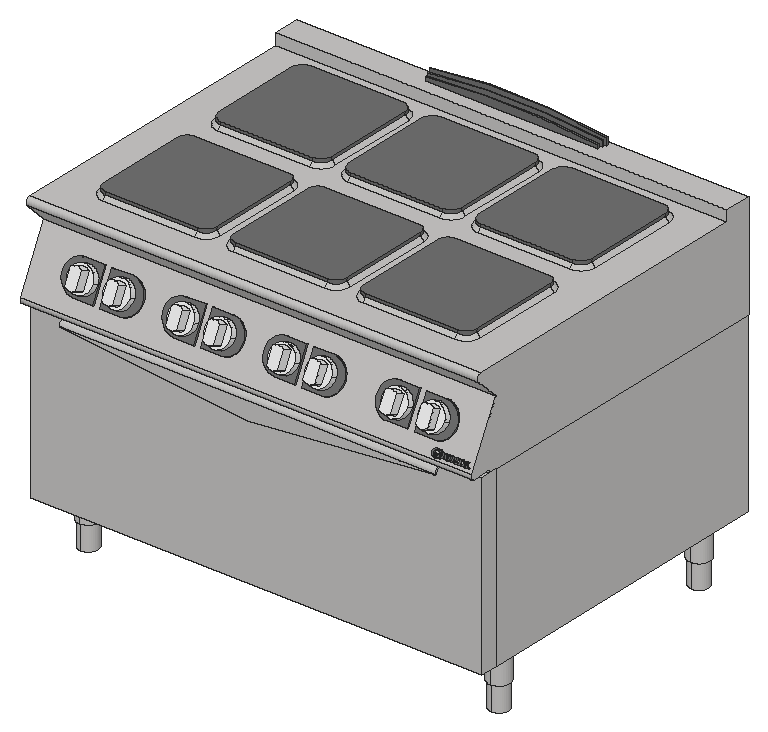
Revit family "QF_GIORIK_CE96QH", category Specialty Equipment, Revit 2014
Parameters (values of type "CE96QH")
  Weight in Pounds = 352.7392
  Watts = 33000 W
  Volts = 400 V
  URL Cutsheet = "www.giorik.com"
  URL = "www.giorik.com"
  Status [instance] = ""
  Specification by User [instance] = ""
  Specification by Manufacturer = ""
  Show Logo [instance] = yes
  Show Clearance [instance] = yes
  Serial Number = ""
  Seismic Rating = ""
  SMACNA No = ""
  Revision Code [instance] = ""
  Phase = 3
  Number of Poles [instance] = 3
  NAFEM Spec ID Number = ""
  Model = "CE96QH"
  Min Ckt Ampacity = 0 A
  Max Overcurrent Protection = 0 A
  Masterspec = ""
  Manufacturer = "GIORIK"
  Item Number [instance] = ""
  Installed By [instance] = ""
  Identify Quantity as Lot [instance] = no
  HP = "44.253660000000"
  Furnished By [instance] = ""
  Foodservice Equipment Identifier [instance] = yes
  FL Amps = 0 A
  Electrical Remarks [instance] = ""
  Electric Connection Type [instance] = ""
  Elec Conn RI Height [instance] = 0 mm
  Elec Conn Connection Height [instance] = 150 mm
  Description = "6 ELECTRIC RANGE WITH SQUARE PLATES WITH ELECTRIC OVEN"
  Cycle = 50 Hz
  Conn Plug = ""
  CSI MasterFormat = ""
  Assembly Code = "E1090320"
  Apparent Power = 33000 VA
Reference planes
  plane 1 "Back": y = 0
  plane 2: z = 0
  plane 3 "Left": x = 0
  plane 4 "Right": x = 1200
  plane 5 "Front": y = -920
  plane 6 "Top": z = 900
Forms (mm)
  Extrusion 1, solid
    sketch origin (-16, 1025.948, 0) x (1, 0, 0) y (0, 1, 0)
      loop
        line (25, -1086.81) -> (25, -1156.81) -> (115, -1156.81) -> (115, -1086.81) -> (25, -1086.81)
    from 148 to 150
  Extrusion 2, solid
    sketch origin (-4, 0.138, 130) x (1, 0, 0) y (0, 1, 0)
      loop
        circle (54, -385) r 12.5
    from 0 to 20
  Extrusion 3, solid
    sketch origin (0, 800.138, -20) x (0, 1, 0) y (0, 0, 1)
      loop
        line (-800.138, 919.988) -> (-870.138, 919.988) -> (-870.138, 889.988) -> (-1688.806, 889.988)
        arc (-1688.806, 889.988) -> (-1699.151, 883.075) -> (-1696.724, 870.873) r 11.197
        line (-1696.724, 870.873) -> (-1640.876, 815.025) -> (-1718.948, 661.258)
        arc (-1718.948, 661.258) -> (-1718.233, 650.105) -> (-1708.118, 645.354) r 10.981
        line (-1708.118, 645.354) -> (-1660, 649.925) -> (-1660, 640) -> (-800.138, 640) -> (-800.138, 919.988)
    from 0 to 1200
  Extrusion 4, solid
    sketch origin (0, -199.862, 599.536) x (1, 0, 0) y (0, 1, 0)
      loop
        line (0, -640) -> (40, -640) -> (40, 159.862) -> (1160, 159.862) -> (1160, -640) -> (1200, -640) -> (1200, 199.862) -> (0, 199.862) -> (0, -640)
    from -449.536 to 20.464
  Extrusion 5, solid
    sketch origin (0, -199.862, 0) x (1, 0, 0) y (0, 1, 0)
      loop
        line (40, 159.862) -> (40, -640) -> (1160, -640) -> (1160, 159.862) -> (40, 159.862)
    from 150 to 190
  Extrusion 6, solid
    sketch origin (-16, 360.948, 0) x (1, 0, 0) y (0, 1, 0)
      loop
        line (25, -1086.81) -> (25, -1156.81) -> (115, -1156.81) -> (115, -1086.81) -> (25, -1086.81)
    from 148 to 150
  Revolve 7, solid
    sketch origin (54, 360.948, 0) x (0, 1, 0) y (0, 0, 1)
      loop
        line (-1092.56, 66) -> (-1092.56, 148) -> (-1121.81, 148) -> (-1121.81, 0) -> (-1096.81, 0) -> (-1096.81, 66) -> (-1092.56, 66)
      axis (-1121.81, 0) -> (-1121.81, 148)
    angle from 0 to 360
  Revolve 8, solid
    sketch origin (54, 1025.948, 0) x (0, 1, 0) y (0, 0, 1)
      loop
        line (-1092.56, 66) -> (-1092.56, 148) -> (-1121.81, 148) -> (-1121.81, 0) -> (-1096.81, 0) -> (-1096.81, 66) -> (-1092.56, 66)
      axis (-1121.81, 0) -> (-1121.81, 148)
    angle from 0 to 360
  Extrusion 9, solid
    sketch origin (1216, 360.948, 0) x (-1, 0, 0) y (0, -1, 0)
      loop
        line (25, 1086.81) -> (115, 1086.81) -> (115, 1156.81) -> (25, 1156.81) -> (25, 1086.81)
    from 148 to 150
  Revolve 10, solid
    sketch origin (1146, 360.948, 0) x (0, 1, 0) y (0, 0, -1)
      loop
        line (-1092.56, -66) -> (-1096.81, -66) -> (-1096.81, 0) -> (-1121.81, 0) -> (-1121.81, -148) -> (-1092.56, -148) -> (-1092.56, -66)
      axis (-1121.81, 0) -> (-1121.81, -148)
    angle from 0 to 360
  Extrusion 11, solid
    sketch origin (1216, -1217.672, 0) x (-1, 0, 0) y (0, -1, 0)
      loop
        line (25, -1086.81) -> (25, -1156.81) -> (115, -1156.81) -> (115, -1086.81) -> (25, -1086.81)
    from 148 to 150
  Revolve 12, solid
    sketch origin (1146, -1217.672, 0) x (0, -1, 0) y (0, 0, 1)
      loop
        line (-1092.56, 66) -> (-1092.56, 148) -> (-1121.81, 148) -> (-1121.81, 0) -> (-1096.81, 0) -> (-1096.81, 66) -> (-1092.56, 66)
      axis (-1121.81, 0) -> (-1121.81, 148)
    angle from 0 to 360
  Extrusion 13, solid
    sketch origin (236.031, 0, -10.001) x (1, 0, 0) y (0, 0, 1)
      loop
        line (135, 909.989) -> (592.969, 909.989) -> (592.969, 919.989) -> (440.969, 929.989) -> (287, 929.989) -> (135, 919.989) -> (135, 909.989)
    from 32 to 35
  Extrusion 14, solid
    sketch origin (238, 10, -10.001) x (1, 0, 0) y (0, 0, 1)
      loop
        line (594, 909.989) -> (594, 924.989) -> (440, 937.489) -> (284, 937.489) -> (130, 925.001) -> (130, 909.989) -> (594, 909.989)
    from 32 to 35
  Extrusion 15, solid
    sketch origin (240, 20, -10.001) x (1, 0, 0) y (0, 0, 1)
      loop
        line (595, 909.989) -> (595, 930.001) -> (439, 945.258) -> (281, 945.258) -> (125, 929.989) -> (125, 909.989) -> (595, 909.989)
    from 32 to 35
  Extrusion 16, solid
    sketch origin (-3.903, 0.05, 130) x (1, 0, 0) y (0, 1, 0)
      loop
        circle (54, -385) r 12.5
    from 0 to 20
  Extrusion 17, solid
    sketch origin (64, 3.186, 864.988) x (0, 1, 0) y (-1, 0, 0)
      loop
        arc (-121.5, -68) -> (-129.701, -48.201) -> (-149.5, -40) r 28
        line (-149.5, -40) -> (-393.5, -40)
        arc (-393.5, -40) -> (-413.299, -48.201) -> (-421.5, -68) r 28
        line (-421.5, -68) -> (-421.5, -311.998)
        arc (-421.5, -311.998) -> (-413.299, -331.797) -> (-393.5, -339.998) r 28
        line (-393.5, -339.998) -> (-149.5, -339.998)
        arc (-149.5, -339.998) -> (-129.701, -331.797) -> (-121.5, -311.998) r 28
        line (-121.5, -311.998) -> (-121.5, -68)
    from 23 to 15
  Blend 18, solid
    base sketch origin (808.36, -819.318, 869.988) x (0, 1, 0) y (-1, 0, 0)
      loop
        arc (710.004, 676.36) -> (699.167, 702.523) -> (673.004, 713.36) r 37
        line (673.004, 713.36) -> (429.004, 713.36)
        arc (429.004, 713.36) -> (402.841, 702.523) -> (392.004, 676.36) r 37
        line (392.004, 676.36) -> (392.004, 432.362)
        arc (392.004, 432.362) -> (402.841, 406.199) -> (429.004, 395.362) r 37
        line (429.004, 395.362) -> (673.004, 395.362)
        arc (673.004, 395.362) -> (699.167, 406.199) -> (710.004, 432.362) r 37
        line (710.004, 432.362) -> (710.004, 676.36)
    top sketch origin (808.36, -819.318, 900) x (0, 1, 0) y (-1, 0, 0)
      loop
        arc (701.004, 676.36) -> (692.803, 696.159) -> (673.004, 704.36) r 28
        line (673.004, 704.36) -> (429.004, 704.36)
        arc (429.004, 704.36) -> (409.205, 696.159) -> (401.004, 676.36) r 28
        line (401.004, 676.36) -> (401.004, 432.362)
        arc (401.004, 432.362) -> (409.205, 412.563) -> (429.004, 404.362) r 28
        line (429.004, 404.362) -> (673.004, 404.362)
        arc (673.004, 404.362) -> (692.803, 412.563) -> (701.004, 432.362) r 28
        line (701.004, 432.362) -> (701.004, 676.36)
    from 0 to -20.012
  Extrusion 19, solid
    sketch origin (64, -921.814, 864.988) x (0, -1, 0) y (1, 0, 0)
      loop
        line (-121.5, 68) -> (-121.5, 311.998)
        arc (-121.5, 311.998) -> (-129.701, 331.797) -> (-149.5, 339.998) r 28
        line (-149.5, 339.998) -> (-393.5, 339.998)
        arc (-393.5, 339.998) -> (-413.299, 331.797) -> (-421.5, 311.998) r 28
        line (-421.5, 311.998) -> (-421.5, 68)
        arc (-421.5, 68) -> (-413.299, 48.201) -> (-393.5, 40) r 28
        line (-393.5, 40) -> (-149.5, 40)
        arc (-149.5, 40) -> (-129.701, 48.201) -> (-121.5, 68) r 28
    from 23 to 15
  Blend 20, solid
    base sketch origin (808.36, -99.31, 869.988) x (0, -1, 0) y (1, 0, 0)
      loop
        line (710.004, -676.36) -> (710.004, -432.362)
        arc (710.004, -432.362) -> (699.167, -406.199) -> (673.004, -395.362) r 37
        line (673.004, -395.362) -> (429.004, -395.362)
        arc (429.004, -395.362) -> (402.841, -406.199) -> (392.004, -432.362) r 37
        line (392.004, -432.362) -> (392.004, -676.36)
        arc (392.004, -676.36) -> (402.841, -702.523) -> (429.004, -713.36) r 37
        line (429.004, -713.36) -> (673.004, -713.36)
        arc (673.004, -713.36) -> (699.167, -702.523) -> (710.004, -676.36) r 37
    top sketch origin (808.36, -99.31, 900) x (0, -1, 0) y (1, 0, 0)
      loop
        line (701.004, -676.36) -> (701.004, -432.362)
        arc (701.004, -432.362) -> (692.803, -412.563) -> (673.004, -404.362) r 28
        line (673.004, -404.362) -> (429.004, -404.362)
        arc (429.004, -404.362) -> (409.205, -412.563) -> (401.004, -432.362) r 28
        line (401.004, -432.362) -> (401.004, -676.36)
        arc (401.004, -676.36) -> (409.205, -696.159) -> (429.004, -704.36) r 28
        line (429.004, -704.36) -> (673.004, -704.36)
        arc (673.004, -704.36) -> (692.803, -696.159) -> (701.004, -676.36) r 28
    from 0 to -20.012
  Extrusion 21, solid
    sketch origin (790, 3.186, 864.988) x (0, 1, 0) y (-1, 0, 0)
      loop
        line (-121.5, 68) -> (-121.5, 311.998)
        arc (-121.5, 311.998) -> (-129.701, 331.797) -> (-149.5, 339.998) r 28
        line (-149.5, 339.998) -> (-393.5, 339.998)
        arc (-393.5, 339.998) -> (-413.299, 331.797) -> (-421.5, 311.998) r 28
        line (-421.5, 311.998) -> (-421.5, 68)
        arc (-421.5, 68) -> (-413.299, 48.201) -> (-393.5, 40) r 28
        line (-393.5, 40) -> (-149.5, 40)
        arc (-149.5, 40) -> (-129.701, 48.201) -> (-121.5, 68) r 28
    from 23 to 15
  Blend 22, solid
    base sketch origin (45.64, -819.318, 869.988) x (0, 1, 0) y (-1, 0, 0)
      loop
        line (710.004, -676.36) -> (710.004, -432.362)
        arc (710.004, -432.362) -> (699.167, -406.199) -> (673.004, -395.362) r 37
        line (673.004, -395.362) -> (429.004, -395.362)
        arc (429.004, -395.362) -> (402.841, -406.199) -> (392.004, -432.362) r 37
        line (392.004, -432.362) -> (392.004, -676.36)
        arc (392.004, -676.36) -> (402.841, -702.523) -> (429.004, -713.36) r 37
        line (429.004, -713.36) -> (673.004, -713.36)
        arc (673.004, -713.36) -> (699.167, -702.523) -> (710.004, -676.36) r 37
    top sketch origin (45.64, -819.318, 900) x (0, 1, 0) y (-1, 0, 0)
      loop
        line (701.004, -676.36) -> (701.004, -432.362)
        arc (701.004, -432.362) -> (692.803, -412.563) -> (673.004, -404.362) r 28
        line (673.004, -404.362) -> (429.004, -404.362)
        arc (429.004, -404.362) -> (409.205, -412.563) -> (401.004, -432.362) r 28
        line (401.004, -432.362) -> (401.004, -676.36)
        arc (401.004, -676.36) -> (409.205, -696.159) -> (429.004, -704.36) r 28
        line (429.004, -704.36) -> (673.004, -704.36)
        arc (673.004, -704.36) -> (692.803, -696.159) -> (701.004, -676.36) r 28
    from 0 to -20.012
  Extrusion 23, solid
    sketch origin (790, -921.814, 864.988) x (0, -1, 0) y (1, 0, 0)
      loop
        arc (-121.5, -68) -> (-129.701, -48.201) -> (-149.5, -40) r 28
        line (-149.5, -40) -> (-393.5, -40)
        arc (-393.5, -40) -> (-413.299, -48.201) -> (-421.5, -68) r 28
        line (-421.5, -68) -> (-421.5, -311.998)
        arc (-421.5, -311.998) -> (-413.299, -331.797) -> (-393.5, -339.998) r 28
        line (-393.5, -339.998) -> (-149.5, -339.998)
        arc (-149.5, -339.998) -> (-129.701, -331.797) -> (-121.5, -311.998) r 28
        line (-121.5, -311.998) -> (-121.5, -68)
    from 23 to 15
  Blend 24, solid
    base sketch origin (45.64, -99.31, 869.988) x (0, -1, 0) y (1, 0, 0)
      loop
        arc (710.004, 676.36) -> (699.167, 702.523) -> (673.004, 713.36) r 37
        line (673.004, 713.36) -> (429.004, 713.36)
        arc (429.004, 713.36) -> (402.841, 702.523) -> (392.004, 676.36) r 37
        line (392.004, 676.36) -> (392.004, 432.362)
        arc (392.004, 432.362) -> (402.841, 406.199) -> (429.004, 395.362) r 37
        line (429.004, 395.362) -> (673.004, 395.362)
        arc (673.004, 395.362) -> (699.167, 406.199) -> (710.004, 432.362) r 37
        line (710.004, 432.362) -> (710.004, 676.36)
    top sketch origin (45.64, -99.31, 900) x (0, -1, 0) y (1, 0, 0)
      loop
        arc (701.004, 676.36) -> (692.803, 696.159) -> (673.004, 704.36) r 28
        line (673.004, 704.36) -> (429.004, 704.36)
        arc (429.004, 704.36) -> (409.205, 696.159) -> (401.004, 676.36) r 28
        line (401.004, 676.36) -> (401.004, 432.362)
        arc (401.004, 432.362) -> (409.205, 412.563) -> (429.004, 404.362) r 28
        line (429.004, 404.362) -> (673.004, 404.362)
        arc (673.004, 404.362) -> (692.803, 412.563) -> (701.004, 432.362) r 28
        line (701.004, 432.362) -> (701.004, 676.36)
    from 0 to -20.012
  Extrusion 25, solid
    sketch origin (1136, 3.186, 864.988) x (0, 1, 0) y (-1, 0, 0)
      loop
        line (-121.5, 68) -> (-121.5, 311.998)
        arc (-121.5, 311.998) -> (-129.701, 331.797) -> (-149.5, 339.998) r 28
        line (-149.5, 339.998) -> (-393.5, 339.998)
        arc (-393.5, 339.998) -> (-413.299, 331.797) -> (-421.5, 311.998) r 28
        line (-421.5, 311.998) -> (-421.5, 68)
        arc (-421.5, 68) -> (-413.299, 48.201) -> (-393.5, 40) r 28
        line (-393.5, 40) -> (-149.5, 40)
        arc (-149.5, 40) -> (-129.701, 48.201) -> (-121.5, 68) r 28
    from 23 to 15
  Blend 26, solid
    base sketch origin (391.64, -819.318, 869.988) x (0, 1, 0) y (-1, 0, 0)
      loop
        line (710.004, -676.36) -> (710.004, -432.362)
        arc (710.004, -432.362) -> (699.167, -406.199) -> (673.004, -395.362) r 37
        line (673.004, -395.362) -> (429.004, -395.362)
        arc (429.004, -395.362) -> (402.841, -406.199) -> (392.004, -432.362) r 37
        line (392.004, -432.362) -> (392.004, -676.36)
        arc (392.004, -676.36) -> (402.841, -702.523) -> (429.004, -713.36) r 37
        line (429.004, -713.36) -> (673.004, -713.36)
        arc (673.004, -713.36) -> (699.167, -702.523) -> (710.004, -676.36) r 37
    top sketch origin (391.64, -819.318, 900) x (0, 1, 0) y (-1, 0, 0)
      loop
        line (701.004, -676.36) -> (701.004, -432.362)
        arc (701.004, -432.362) -> (692.803, -412.563) -> (673.004, -404.362) r 28
        line (673.004, -404.362) -> (429.004, -404.362)
        arc (429.004, -404.362) -> (409.205, -412.563) -> (401.004, -432.362) r 28
        line (401.004, -432.362) -> (401.004, -676.36)
        arc (401.004, -676.36) -> (409.205, -696.159) -> (429.004, -704.36) r 28
        line (429.004, -704.36) -> (673.004, -704.36)
        arc (673.004, -704.36) -> (692.803, -696.159) -> (701.004, -676.36) r 28
    from 0 to -20.012
  Extrusion 27, solid
    sketch origin (1136, -921.814, 864.988) x (0, -1, 0) y (1, 0, 0)
      loop
        arc (-121.5, -68) -> (-129.701, -48.201) -> (-149.5, -40) r 28
        line (-149.5, -40) -> (-393.5, -40)
        arc (-393.5, -40) -> (-413.299, -48.201) -> (-421.5, -68) r 28
        line (-421.5, -68) -> (-421.5, -311.998)
        arc (-421.5, -311.998) -> (-413.299, -331.797) -> (-393.5, -339.998) r 28
        line (-393.5, -339.998) -> (-149.5, -339.998)
        arc (-149.5, -339.998) -> (-129.701, -331.797) -> (-121.5, -311.998) r 28
        line (-121.5, -311.998) -> (-121.5, -68)
    from 23 to 15
  Blend 28, solid
    base sketch origin (391.64, -99.31, 869.988) x (0, -1, 0) y (1, 0, 0)
      loop
        arc (710.004, 676.36) -> (699.167, 702.523) -> (673.004, 713.36) r 37
        line (673.004, 713.36) -> (429.004, 713.36)
        arc (429.004, 713.36) -> (402.841, 702.523) -> (392.004, 676.36) r 37
        line (392.004, 676.36) -> (392.004, 432.362)
        arc (392.004, 432.362) -> (402.841, 406.199) -> (429.004, 395.362) r 37
        line (429.004, 395.362) -> (673.004, 395.362)
        arc (673.004, 395.362) -> (699.167, 406.199) -> (710.004, 432.362) r 37
        line (710.004, 432.362) -> (710.004, 676.36)
    top sketch origin (391.64, -99.31, 900) x (0, -1, 0) y (1, 0, 0)
      loop
        arc (701.004, 676.36) -> (692.803, 696.159) -> (673.004, 704.36) r 28
        line (673.004, 704.36) -> (429.004, 704.36)
        arc (429.004, 704.36) -> (409.205, 696.159) -> (401.004, 676.36) r 28
        line (401.004, 676.36) -> (401.004, 432.362)
        arc (401.004, 432.362) -> (409.205, 412.563) -> (429.004, 404.362) r 28
        line (429.004, 404.362) -> (673.004, 404.362)
        arc (673.004, 404.362) -> (692.803, 412.563) -> (701.004, 432.362) r 28
        line (701.004, 432.362) -> (701.004, 676.36)
    from 0 to -20.012
  Extrusion 29, solid, visible <- "Show Logo"
    sketch origin (996.604, -936.763, 609.213) x (-1, 0, 0) y (0, 0.452718, 0.891654)
      loop
        line (-118.824, 58.358) -> (-127.804, 58.358) -> (-125.523, 56.445) -> (-125.523, 48.027) -> (-127.804, 46.113) -> (-118.824, 46.113) -> (-121.105, 48.027) -> (-121.105, 56.445) -> (-118.824, 58.358)
      loop
        line (-163.721, 58.358) -> (-172.7, 58.358) -> (-170.42, 56.445) -> (-170.42, 48.027) -> (-172.7, 46.113) -> (-163.721, 46.113) -> (-166.001, 48.027) -> (-166.001, 56.445) -> (-163.721, 58.358)
      loop
        line (-174.332, 58.358) -> (-183.312, 58.358) -> (-181.031, 56.445) -> (-181.031, 52.435) -> (-186.419, 56.955) -> (-184.416, 58.358) -> (-191.268, 58.358) -> (-188.01, 56.839) -> (-185.455, 54.283) -> (-190.846, 47.858) -> (-193.396, 46.93) -> (-193.396, 46.113) -> (-184.416, 46.113) -> (-185.437, 47.571) -> (-182.443, 51.552) -> (-181.031, 50.894) -> (-181.031, 48.027) -> (-183.312, 46.113) -> (-174.332, 46.113) -> (-176.613, 48.027) -> (-176.613, 56.445) -> (-174.332, 58.358)
      loop
        line (-115.429, 62.063) -> (-115.429, 54.198)
        arc (-115.429, 54.198) -> (-111.618, 57.803) -> (-106.847, 59.986) r 16.039
        arc (-106.847, 59.986) -> (-103.314, 59.837) -> (-100.512, 57.68) r 5.851
        arc (-100.512, 57.68) -> (-98.815, 52.267) -> (-100.512, 46.853) r 9.479
        arc (-100.512, 46.853) -> (-102.406, 44.986) -> (-104.846, 43.93) r 7.236
        arc (-104.846, 43.93) -> (-107.728, 44.111) -> (-110.052, 45.825) r 5.11
        line (-110.052, 45.825) -> (-110.052, 52.001) -> (-116.141, 52.001) -> (-116.141, 45.503) -> (-117.893, 43.751) -> (-114.094, 44.769)
        arc (-114.094, 44.769) -> (-112.56, 44.947) -> (-111.129, 44.366) r 3.115
        arc (-111.129, 44.366) -> (-104.216, 42.091) -> (-97.303, 44.366) r 11.641
        arc (-97.303, 44.366) -> (-93.396, 52.107) -> (-97.303, 59.849) r 9.622
        arc (-97.303, 59.849) -> (-104.369, 62.174) -> (-111.435, 59.849) r 11.898
        line (-111.435, 59.849) -> (-115.429, 62.063)
      loop
        arc (-129.234, 56.068) -> (-135.893, 58.628) -> (-142.552, 56.068) r 9.941
        arc (-142.552, 56.068) -> (-144.234, 52.286) -> (-142.552, 48.505) r 5.093
        arc (-142.552, 48.505) -> (-135.893, 45.945) -> (-129.234, 48.505) r 9.941
        arc (-129.234, 48.505) -> (-127.552, 52.286) -> (-129.234, 56.068) r 5.093
      loop
        arc (-132.628, 54.403) -> (-135.893, 57.668) -> (-139.158, 54.403) r 3.265
        line (-139.158, 54.403) -> (-139.158, 50.169)
        arc (-139.158, 50.169) -> (-135.893, 46.904) -> (-132.628, 50.169) r 3.265
        line (-132.628, 50.169) -> (-132.628, 54.403)
      loop
        arc (-156.363, 58.365) -> (-159.647, 55.081) -> (-156.363, 51.796) r 3.285
        line (-156.363, 51.796) -> (-159.529, 47.306) -> (-162.087, 46.113) -> (-155.847, 46.113) -> (-153.529, 51.083) -> (-150.637, 51.083) -> (-150.637, 47.784) -> (-153.022, 46.113) -> (-144.011, 46.113) -> (-146.094, 47.68) -> (-146.094, 56.493) -> (-144.229, 58.365) -> (-156.363, 58.365)
      loop
        line (-150.637, 57.512) -> (-153.637, 57.512)
        arc (-153.637, 57.512) -> (-156.237, 54.912) -> (-153.637, 52.312) r 2.6
        line (-153.637, 52.312) -> (-150.637, 52.312) -> (-150.637, 57.512)
      loop
        line (-108.924, 52.001) -> (-104.936, 49.005) -> (-100.948, 52.001) -> (-108.924, 52.001)
    from 1.5 to -0.5
  Extrusion 30, solid
    sketch origin (-283.221, -1163.958, 52.4) x (1, 0, 0) y (0, 0.452718, 0.891654)
      loop
        line (463.221, 676.25) -> (463.221, 766.25) -> (409.698, 766.25)
        arc (409.698, 766.25) -> (364.698, 721.25) -> (409.698, 676.25) r 45
        line (409.698, 676.25) -> (463.221, 676.25)
    from 48 to 50
  Extrusion 31, solid
    sketch origin (491.331, -1209.309, 74.995) x (-1, 0, 0) y (0, -0.45351, -0.891251)
      loop
        circle (351.331, -721.346) r 35
    from 0 to 15
  Extrusion 32, solid
    sketch origin (491.331, -1209.309, 74.995) x (-1, 0, 0) y (0, -0.45351, -0.891251)
      loop
        arc (336.331, -743.846) -> (351.331, -748.846) -> (366.331, -743.846) r 25
        line (366.331, -743.846) -> (366.331, -698.846)
        arc (366.331, -698.846) -> (351.331, -693.846) -> (336.331, -698.846) r 25
        line (336.331, -698.846) -> (336.331, -743.846)
    from 15 to 40
  Extrusion 33, solid
    sketch origin (661.221, -1163.958, 52.4) x (-1, 0, 0) y (0, -0.452718, -0.891654)
      loop
        line (463.221, -676.25) -> (409.698, -676.25)
        arc (409.698, -676.25) -> (364.698, -721.25) -> (409.698, -766.25) r 45
        line (409.698, -766.25) -> (463.221, -766.25) -> (463.221, -676.25)
    from 48 to 50
  Extrusion 34, solid
    sketch origin (-113.331, -1209.309, 74.995) x (1, 0, 0) y (0, 0.45351, 0.891251)
      loop
        circle (351.331, 721.346) r 35
    from 0 to 15
  Extrusion 35, solid
    sketch origin (-113.331, -1209.309, 74.995) x (1, 0, 0) y (0, 0.45351, 0.891251)
      loop
        line (336.331, 743.846) -> (336.331, 698.846)
        arc (336.331, 698.846) -> (351.331, 693.846) -> (366.331, 698.846) r 25
        line (366.331, 698.846) -> (366.331, 743.846)
        arc (366.331, 743.846) -> (351.331, 748.846) -> (336.331, 743.846) r 25
    from 15 to 40
  Extrusion 36, solid
    sketch origin (929.221, -1163.958, 52.4) x (-1, 0, 0) y (0, -0.452718, -0.891654)
      loop
        line (463.221, -676.25) -> (409.698, -676.25)
        arc (409.698, -676.25) -> (364.698, -721.25) -> (409.698, -766.25) r 45
        line (409.698, -766.25) -> (463.221, -766.25) -> (463.221, -676.25)
    from 48 to 50
  Extrusion 37, solid
    sketch origin (154.669, -1209.309, 74.995) x (1, 0, 0) y (0, 0.45351, 0.891251)
      loop
        circle (351.331, 721.346) r 35
    from 0 to 15
  Extrusion 38, solid
    sketch origin (154.669, -1209.309, 74.995) x (1, 0, 0) y (0, 0.45351, 0.891251)
      loop
        line (336.331, 743.846) -> (336.331, 698.846)
        arc (336.331, 698.846) -> (351.331, 693.846) -> (366.331, 698.846) r 25
        line (366.331, 698.846) -> (366.331, 743.846)
        arc (366.331, 743.846) -> (351.331, 748.846) -> (336.331, 743.846) r 25
    from 15 to 40
  Extrusion 39, solid
    sketch origin (-15.221, -1163.958, 52.4) x (1, 0, 0) y (0, 0.452718, 0.891654)
      loop
        line (463.221, 676.25) -> (463.221, 766.25) -> (409.698, 766.25)
        arc (409.698, 766.25) -> (364.698, 721.25) -> (409.698, 676.25) r 45
        line (409.698, 676.25) -> (463.221, 676.25)
    from 48 to 50
  Extrusion 40, solid
    sketch origin (759.331, -1209.309, 74.995) x (-1, 0, 0) y (0, -0.45351, -0.891251)
      loop
        circle (351.331, -721.346) r 35
    from 0 to 15
  Extrusion 41, solid
    sketch origin (759.331, -1209.309, 74.995) x (-1, 0, 0) y (0, -0.45351, -0.891251)
      loop
        arc (336.331, -743.846) -> (351.331, -748.846) -> (366.331, -743.846) r 25
        line (366.331, -743.846) -> (366.331, -698.846)
        arc (366.331, -698.846) -> (351.331, -693.846) -> (336.331, -698.846) r 25
        line (336.331, -698.846) -> (336.331, -743.846)
    from 15 to 40
  Extrusion 42, solid
    sketch origin (252.779, -1163.958, 52.4) x (1, 0, 0) y (0, 0.452718, 0.891654)
      loop
        line (463.221, 676.25) -> (463.221, 766.25) -> (409.698, 766.25)
        arc (409.698, 766.25) -> (364.698, 721.25) -> (409.698, 676.25) r 45
        line (409.698, 676.25) -> (463.221, 676.25)
    from 48 to 50
  Extrusion 43, solid
    sketch origin (1027.331, -1209.309, 74.995) x (-1, 0, 0) y (0, -0.45351, -0.891251)
      loop
        circle (351.331, -721.346) r 35
    from 0 to 15
  Extrusion 44, solid
    sketch origin (1027.331, -1209.309, 74.995) x (-1, 0, 0) y (0, -0.45351, -0.891251)
      loop
        arc (336.331, -743.846) -> (351.331, -748.846) -> (366.331, -743.846) r 25
        line (366.331, -743.846) -> (366.331, -698.846)
        arc (366.331, -698.846) -> (351.331, -693.846) -> (336.331, -698.846) r 25
        line (336.331, -698.846) -> (336.331, -743.846)
    from 15 to 40
  Extrusion 45, solid
    sketch origin (1197.221, -1163.958, 52.4) x (-1, 0, 0) y (0, -0.452718, -0.891654)
      loop
        line (463.221, -676.25) -> (409.698, -676.25)
        arc (409.698, -676.25) -> (364.698, -721.25) -> (409.698, -766.25) r 45
        line (409.698, -766.25) -> (463.221, -766.25) -> (463.221, -676.25)
    from 48 to 50
  Extrusion 46, solid
    sketch origin (422.669, -1209.309, 74.995) x (1, 0, 0) y (0, 0.45351, 0.891251)
      loop
        circle (351.331, 721.346) r 35
    from 0 to 15
  Extrusion 47, solid
    sketch origin (422.669, -1209.309, 74.995) x (1, 0, 0) y (0, 0.45351, 0.891251)
      loop
        line (336.331, 743.846) -> (336.331, 698.846)
        arc (336.331, 698.846) -> (351.331, 693.846) -> (366.331, 698.846) r 25
        line (366.331, 698.846) -> (366.331, 743.846)
        arc (366.331, 743.846) -> (351.331, 748.846) -> (336.331, 743.846) r 25
    from 15 to 40
  Extrusion 48, solid
    sketch origin (552.779, -1163.958, 52.4) x (1, 0, 0) y (0, 0.452718, 0.891654)
      loop
        line (463.221, 676.25) -> (463.221, 766.25) -> (409.698, 766.25)
        arc (409.698, 766.25) -> (364.698, 721.25) -> (409.698, 676.25) r 45
        line (409.698, 676.25) -> (463.221, 676.25)
    from 48 to 50
  Extrusion 49, solid
    sketch origin (1327.331, -1209.309, 74.995) x (-1, 0, 0) y (0, -0.45351, -0.891251)
      loop
        circle (351.331, -721.346) r 35
    from 0 to 15
  Extrusion 50, solid
    sketch origin (1327.331, -1209.309, 74.995) x (-1, 0, 0) y (0, -0.45351, -0.891251)
      loop
        arc (336.331, -743.846) -> (351.331, -748.846) -> (366.331, -743.846) r 25
        line (366.331, -743.846) -> (366.331, -698.846)
        arc (366.331, -698.846) -> (351.331, -693.846) -> (336.331, -698.846) r 25
        line (336.331, -698.846) -> (336.331, -743.846)
    from 15 to 40
  Extrusion 51, solid
    sketch origin (1497.221, -1163.958, 52.4) x (-1, 0, 0) y (0, -0.452718, -0.891654)
      loop
        line (463.221, -676.25) -> (409.698, -676.25)
        arc (409.698, -676.25) -> (364.698, -721.25) -> (409.698, -766.25) r 45
        line (409.698, -766.25) -> (463.221, -766.25) -> (463.221, -676.25)
    from 48 to 50
  Extrusion 52, solid
    sketch origin (722.669, -1209.309, 74.995) x (1, 0, 0) y (0, 0.45351, 0.891251)
      loop
        circle (351.331, 721.346) r 35
    from 0 to 15
  Extrusion 53, solid
    sketch origin (722.669, -1209.309, 74.995) x (1, 0, 0) y (0, 0.45351, 0.891251)
      loop
        line (336.331, 743.846) -> (336.331, 698.846)
        arc (336.331, 698.846) -> (351.331, 693.846) -> (366.331, 698.846) r 25
        line (366.331, 698.846) -> (366.331, 743.846)
        arc (366.331, 743.846) -> (351.331, 748.846) -> (336.331, 743.846) r 25
    from 15 to 40
  Extrusion 54, solid
    sketch origin (0, -924.862, 0) x (1, 0, 0) y (0, 0, 1)
      loop
        line (0, 620) -> (0, 150) -> (1200, 150) -> (1200, 620) -> (0, 620)
    from -85 to -40
  Extrusion 55, solid
    sketch origin (2.5, -924.862, -20.1) x (0, 1, 0) y (0, 0, 1)
      loop
        arc (25, 640.1) -> (14.393, 635.707) -> (10, 625.1) r 15
        line (10, 625.1) -> (12, 625.1)
        arc (12, 625.1) -> (15.808, 634.292) -> (25, 638.1) r 13
        line (25, 638.1) -> (40, 638.1) -> (40, 640.1) -> (25, 640.1)
    from 97.5 to 1097.5
  Extrusion 56, solid
    sketch origin (2.5, -924.767, -20.1) x (1, 0, 0) y (0, 0, 1)
      loop
        arc (97.5, 625.1) -> (597.5, 577.434) -> (1097.5, 625.1) r 2646.252
        line (1097.5, 625.1) -> (97.5, 625.1)
    from -11.905 to -9.905
  Extrusion 57, solid, visible <- "Show Clearance", detail levels coarse
    sketch origin (0, -199.862, 0) x (0, 1, 0) y (0, 0, 1)
      loop
        line (-685, 150) -> (-685, 620)
        arc (-685, 620) -> (-1017.34, 482.34) -> (-1155, 150) r 470
        line (-1155, 150) -> (-685, 150)
    from 0 to 1200
Lines and regions (mm)
  symbolic lines, style "200-EquipBorder-2D"
    curve 1: line (0, -919.862, 0) -> (1200, -919.862, 0)
    curve 2: line (1200, -919.862, 0) -> (1200, 0, 0)
    curve 3: line (1200, 0, 0) -> (0, 0, 0)
    curve 4: line (0, 0, 0) -> (0, -919.862, 0)
    curve 117: line (125, -928.026, 900) -> (125, -920, 900)
    curve 118: line (155, -928.026, 900) -> (155, -920, 900)
    curve 119: line (223, -928.026, 900) -> (223, -920, 900)
    curve 120: line (253, -928.026, 900) -> (253, -920, 900)
    curve 121: line (393, -928.026, 900) -> (393, -920, 900)
    curve 122: line (423, -928.026, 900) -> (423, -920, 900)
    curve 123: line (491, -928.026, 900) -> (491, -920, 900)
    curve 124: line (521, -928.026, 900) -> (521, -920, 900)
    curve 125: arc (491, -928.026, 900) -> (506, -930.218, 900) -> (521, -928.026, 900) r 52.422
    curve 126: arc (423, -928.026, 900) -> (408, -930.164, 900) -> (393, -928.026, 900) r 53.68
    curve 127: arc (253, -928.026, 900) -> (238, -930.409, 900) -> (223, -928.026, 900) r 48.391
    curve 128: arc (155, -928.026, 900) -> (140, -930.299, 900) -> (125, -928.026, 900) r 50.629
    curve 129: arc (661, -928.026, 900) -> (676, -930.427, 900) -> (691, -928.026, 900) r 48.06
    curve 130: arc (759, -928.026, 900) -> (774, -930.334, 900) -> (789, -928.026, 900) r 49.892
    curve 131: line (789, -928.026, 900) -> (789, -919.862, 900)
    curve 132: line (759, -928.026, 900) -> (759, -920, 900)
    curve 133: line (691, -928.026, 900) -> (691, -920, 900)
    curve 134: line (661, -928.026, 900) -> (661, -919.862, 900)
    curve 135: line (961, -928.026, 900) -> (961, -920, 900)
    curve 136: line (991, -928.026, 900) -> (991, -919.862, 900)
    curve 137: line (1059, -928.026, 900) -> (1059, -920, 900)
    curve 138: line (1089, -928.026, 900) -> (1089, -920, 900)
    curve 139: arc (1059, -928.026, 900) -> (1074, -930.186, 900) -> (1089, -928.026, 900) r 53.149
    curve 140: arc (991, -928.026, 900) -> (976, -930.223, 900) -> (961, -928.026, 900) r 52.305
  symbolic lines, style "200-EquipInternal-2D"
    curve 5: line (0, -70, 900) -> (1200, -70, 900)
    curve 6: line (365, -12, 900) -> (835, -12, 900)
    curve 7: line (835, -12, 900) -> (835, -15, 900)
    curve 8: line (835, -15, 900) -> (365, -15, 900)
    curve 9: line (365, -15, 900) -> (365, -12, 900)
    curve 10: line (368, -22, 900) -> (832, -22, 900)
    curve 11: line (832, -22, 900) -> (832, -25, 900)
    curve 12: line (832, -25, 900) -> (368, -25, 900)
    curve 13: line (368, -25, 900) -> (368, -22, 900)
    curve 14: line (371.031, -32, 900) -> (829, -32, 900)
    curve 15: line (829, -32, 900) -> (829, -35, 900)
    curve 16: line (829, -35, 900) -> (371.031, -35, 900)
    curve 17: line (371.031, -35, 900) -> (371.031, -32, 900)
    curve 18: arc (95, -146.314, 900) -> (105.837, -120.151, 900) -> (132, -109.314, 900) r 37
    curve 19: arc (132, -118.314, 900) -> (112.201, -126.515, 900) -> (104, -146.314, 900) r 28
    curve 20: line (132, -109.314, 900) -> (375.998, -109.314, 900)
    curve 21: line (375.998, -118.314, 900) -> (132, -118.314, 900)
    curve 22: line (95, -390.314, 900) -> (95, -146.314, 900)
    curve 23: line (104, -146.314, 900) -> (104, -390.314, 900)
    curve 24: arc (132, -427.314, 900) -> (105.837, -416.477, 900) -> (95, -390.314, 900) r 37
    curve 25: arc (104, -390.314, 900) -> (112.201, -410.113, 900) -> (132, -418.314, 900) r 28
    curve 26: line (375.998, -427.314, 900) -> (132, -427.314, 900)
    curve 27: line (132, -418.314, 900) -> (375.998, -418.314, 900)
    curve 28: arc (412.998, -390.314, 900) -> (402.161, -416.477, 900) -> (375.998, -427.314, 900) r 37
    curve 29: line (403.998, -390.314, 900) -> (403.998, -146.314, 900)
    curve 30: arc (375.998, -418.314, 900) -> (395.797, -410.113, 900) -> (403.998, -390.314, 900) r 28
    curve 31: line (412.998, -146.314, 900) -> (412.998, -390.314, 900)
    curve 32: arc (375.998, -109.314, 900) -> (402.161, -120.151, 900) -> (412.998, -146.314, 900) r 37
    curve 33: arc (403.998, -146.314, 900) -> (395.797, -126.515, 900) -> (375.998, -118.314, 900) r 28
    curve 34: line (441.002, -390.314, 900) -> (441.002, -146.314, 900)
    curve 35: line (450.002, -146.314, 900) -> (450.002, -390.314, 900)
    curve 36: arc (441.002, -146.314, 900) -> (451.839, -120.151, 900) -> (478.002, -109.314, 900) r 37
    curve 37: arc (478.002, -118.314, 900) -> (458.203, -126.515, 900) -> (450.002, -146.314, 900) r 28
    curve 38: line (478.002, -109.314, 900) -> (722, -109.314, 900)
    curve 39: line (722, -118.314, 900) -> (478.002, -118.314, 900)
    curve 40: arc (722, -109.314, 900) -> (748.163, -120.151, 900) -> (759, -146.314, 900) r 37
    curve 41: arc (750, -146.314, 900) -> (741.799, -126.515, 900) -> (722, -118.314, 900) r 28
    curve 42: line (759, -146.314, 900) -> (759, -390.314, 900)
    curve 43: line (750, -390.314, 900) -> (750, -146.314, 900)
    curve 44: arc (722, -418.314, 900) -> (741.799, -410.113, 900) -> (750, -390.314, 900) r 28
    curve 45: arc (759, -390.314, 900) -> (748.163, -416.477, 900) -> (722, -427.314, 900) r 37
    curve 46: line (478.002, -418.314, 900) -> (722, -418.314, 900)
    curve 47: line (722, -427.314, 900) -> (478.002, -427.314, 900)
    curve 48: arc (450.002, -390.314, 900) -> (458.203, -410.113, 900) -> (478.002, -418.314, 900) r 28
    curve 49: arc (478.002, -427.314, 900) -> (451.839, -416.477, 900) -> (441.002, -390.314, 900) r 37
    curve 50: line (104, -528.314, 900) -> (104, -772.314, 900)
    curve 51: line (95, -772.314, 900) -> (95, -528.314, 900)
    curve 52: line (132, -800.314, 900) -> (375.998, -800.314, 900)
    curve 53: line (412.998, -528.314, 900) -> (412.998, -772.314, 900)
    curve 54: line (403.998, -772.314, 900) -> (403.998, -528.314, 900)
    curve 55: line (132, -491.314, 900) -> (375.998, -491.314, 900)
    curve 56: line (375.998, -500.314, 900) -> (132, -500.314, 900)
    curve 57: line (722, -500.314, 900) -> (478.002, -500.314, 900)
    curve 58: line (478.002, -491.314, 900) -> (722, -491.314, 900)
    curve 59: line (441.002, -772.314, 900) -> (441.002, -528.314, 900)
    curve 60: line (450.002, -528.314, 900) -> (450.002, -772.314, 900)
    curve 61: line (722, -809.314, 900) -> (478.002, -809.314, 900)
    curve 62: line (478.002, -800.314, 900) -> (722, -800.314, 900)
    curve 63: line (375.998, -809.314, 900) -> (132, -809.314, 900)
    curve 64: arc (375.998, -800.314, 900) -> (395.797, -792.113, 900) -> (403.998, -772.314, 900) r 28
    curve 65: arc (759, -772.314, 900) -> (748.163, -798.477, 900) -> (722, -809.314, 900) r 37
    curve 66: line (759, -528.314, 900) -> (759, -772.314, 900)
    curve 67: line (750, -772.314, 900) -> (750, -528.314, 900)
    curve 68: arc (722, -491.314, 900) -> (748.163, -502.151, 900) -> (759, -528.314, 900) r 37
    curve 69: arc (441.002, -528.314, 900) -> (451.839, -502.151, 900) -> (478.002, -491.314, 900) r 37
    curve 70: arc (450.002, -772.314, 900) -> (458.203, -792.113, 900) -> (478.002, -800.314, 900) r 28
    curve 71: arc (722, -800.314, 900) -> (741.799, -792.113, 900) -> (750, -772.314, 900) r 28
    curve 72: arc (750, -528.314, 900) -> (741.799, -508.515, 900) -> (722, -500.314, 900) r 28
    curve 73: arc (478.002, -500.314, 900) -> (458.203, -508.515, 900) -> (450.002, -528.314, 900) r 28
    curve 74: arc (478.002, -809.314, 900) -> (451.839, -798.477, 900) -> (441.002, -772.314, 900) r 37
    curve 75: arc (375.998, -491.314, 900) -> (402.161, -502.151, 900) -> (412.998, -528.314, 900) r 37
    curve 76: arc (95, -528.314, 900) -> (105.837, -502.151, 900) -> (132, -491.314, 900) r 37
    curve 77: arc (104, -772.314, 900) -> (112.201, -792.113, 900) -> (132, -800.314, 900) r 28
    curve 78: arc (412.998, -772.314, 900) -> (402.161, -798.477, 900) -> (375.998, -809.314, 900) r 37
    curve 79: arc (403.998, -528.314, 900) -> (395.797, -508.515, 900) -> (375.998, -500.314, 900) r 28
    curve 80: arc (132, -500.314, 900) -> (112.201, -508.515, 900) -> (104, -528.314, 900) r 28
    curve 81: arc (132, -809.314, 900) -> (105.837, -798.477, 900) -> (95, -772.314, 900) r 37
    curve 82: line (787.002, -390.314, 900) -> (787.002, -146.314, 900)
    curve 83: line (796.002, -146.314, 900) -> (796.002, -390.314, 900)
    curve 84: arc (787.002, -146.314, 900) -> (797.839, -120.151, 900) -> (824.002, -109.314, 900) r 37
    curve 85: arc (824.002, -118.314, 900) -> (804.203, -126.515, 900) -> (796.002, -146.314, 900) r 28
    curve 86: line (824.002, -109.314, 900) -> (1068, -109.314, 900)
    curve 87: line (1068, -118.314, 900) -> (824.002, -118.314, 900)
    curve 88: arc (1068, -109.314, 900) -> (1094.163, -120.151, 900) -> (1105, -146.314, 900) r 37
    curve 89: arc (1096, -146.314, 900) -> (1087.799, -126.515, 900) -> (1068, -118.314, 900) r 28
    curve 90: line (1105, -146.314, 900) -> (1105, -390.314, 900)
    curve 91: line (1096, -390.314, 900) -> (1096, -146.314, 900)
    curve 92: arc (1068, -418.314, 900) -> (1087.799, -410.113, 900) -> (1096, -390.314, 900) r 28
    curve 93: arc (1105, -390.314, 900) -> (1094.163, -416.477, 900) -> (1068, -427.314, 900) r 37
    curve 94: line (824.002, -418.314, 900) -> (1068, -418.314, 900)
    curve 95: line (1068, -427.314, 900) -> (824.002, -427.314, 900)
    curve 96: arc (796.002, -390.314, 900) -> (804.203, -410.113, 900) -> (824.002, -418.314, 900) r 28
    curve 97: arc (824.002, -427.314, 900) -> (797.839, -416.477, 900) -> (787.002, -390.314, 900) r 37
    curve 98: line (1068, -500.314, 900) -> (824.002, -500.314, 900)
    curve 99: line (824.002, -491.314, 900) -> (1068, -491.314, 900)
    curve 100: line (787.002, -772.314, 900) -> (787.002, -528.314, 900)
    curve 101: line (796.002, -528.314, 900) -> (796.002, -772.314, 900)
    curve 102: line (1068, -809.314, 900) -> (824.002, -809.314, 900)
    curve 103: line (824.002, -800.314, 900) -> (1068, -800.314, 900)
    curve 104: arc (1105, -772.314, 900) -> (1094.163, -798.477, 900) -> (1068, -809.314, 900) r 37
    curve 105: line (1105, -528.314, 900) -> (1105, -772.314, 900)
    curve 106: line (1096, -772.314, 900) -> (1096, -528.314, 900)
    curve 107: arc (1068, -491.314, 900) -> (1094.163, -502.151, 900) -> (1105, -528.314, 900) r 37
    curve 108: arc (787.002, -528.314, 900) -> (797.839, -502.151, 900) -> (824.002, -491.314, 900) r 37
    curve 109: arc (796.002, -772.314, 900) -> (804.203, -792.113, 900) -> (824.002, -800.314, 900) r 28
    curve 110: arc (1068, -800.314, 900) -> (1087.799, -792.113, 900) -> (1096, -772.314, 900) r 28
    curve 111: arc (1096, -528.314, 900) -> (1087.799, -508.515, 900) -> (1068, -500.314, 900) r 28
    curve 112: arc (824.002, -500.314, 900) -> (804.203, -508.515, 900) -> (796.002, -528.314, 900) r 28
    curve 113: arc (824.002, -809.314, 900) -> (797.839, -798.477, 900) -> (787.002, -772.314, 900) r 37
  symbolic lines, style "QF_Door-Drawer Clearances", visible <- "Show Clearance", detail levels coarse
    curve 114: line (0, -918.81, 900) -> (0, -1354.862, 900)
    curve 115: line (0, -1354.862, 900) -> (1200, -1354.862, 900)
    curve 116: line (1200, -1354.862, 900) -> (1200, -920, 900)
Dimensions and locks
  plane 3 "Left" to plane 4 "Right" = 1200 mm
  plane 5 "Front" to plane 1 "Back" = 920 mm
  plane 4 "Right" to plane 3 "Left" = 1200 mm
  plane 1 "Back" to plane 5 "Front" = 920 mm
  plane 6 "Top" to level = 900 mm  (x2)
  aligned and locked: level to plane 2
Connectors
  electrical at (50, -384.862, 130), driven by "Apparent Power", driven by "Volts", driven by "Number of Poles"
    settings: on Extrusion 2, index 1, voltage 400 V, apparent load 0 VA, apparent load phase1 33000 VA, apparent load phase2 0 VA, apparent load phase3 0 VA, power factor 1, load classification "Other", number of poles 3, system type 31, power factor state 1, is connector primary yes, connector utility no, sub classification motor no, connector description "Electrical connection"
